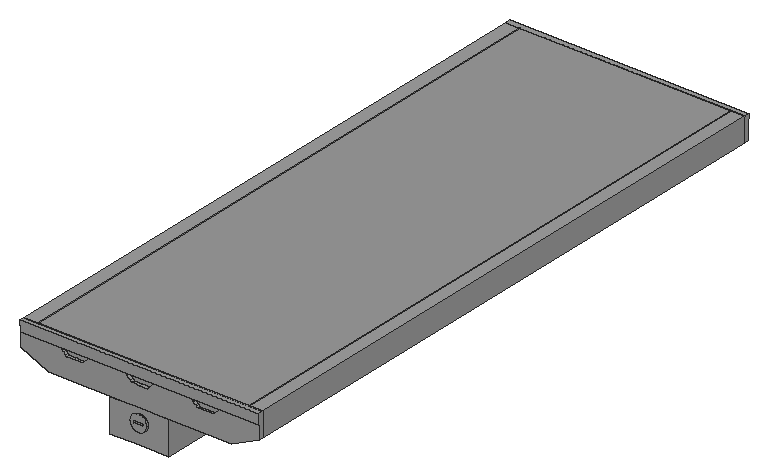
Revit family "VALORE-V2LO-HO_V4LO-HO", category Lighting Fixtures, host Face, Revit 2017
Family settings
  Host = Face
  Round Connector Dimension = Use Diameter
  Part Type = Normal
  Cut with Voids When Loaded = No
  Light Source = Yes
  Shared = No
  Room Calculation Point = No
Parameters (values of type "VALORE V4HO")
  Wattage Comments = "320W"
  Wattage = 320 W
  WIDTH = W * 2  # 1' - 5 41/128"
  W = 0' - 8 169/256"
  built-in parameter 1150110 = 1 (stored number, unit not read)
  Type Image = VALORE PICTURE.PNG
  Type Comments = "The VALORE is the ideal linear LED high bay for\r\nbudget conscious installations or replacement of fluorescent linear\r\nhigh bays in warehouses, aisle lighting for retails big box stores,\r\nlogistic centers and open ceiling environments."
  built-in parameter 1114217 = 0.9 (stored number, unit not read)
  Tilt Angle = -90.00°
  built-in parameter 1150109 = 1 (stored number, unit not read)
  built-in parameter 1150134 = 12
  built-in parameter 1150113 = 1 (stored number, unit not read)
  Photometric Web File = "Valore V4-HO TO REVIT.ies"
  Model = "VALORE"
  Manufacturer = "BEGHELLI"
  built-in parameter 1150105 = 15469 (stored number, unit not read)
  Lumens = 44160 lm
  built-in parameter 1150115 = 1 (stored number, unit not read)
  built-in parameter 1150137 = (empty or 0)
  built-in parameter 1150139 = (empty or 0)
  built-in parameter 1150112 = 1 (stored number, unit not read)
  built-in parameter 1150114 = 1 (stored number, unit not read)
  Lamp = "LED"
  LENGTH = L * 2  # 3' - 8 77/128"
  L = 1' - 10 77/256"
  built-in parameter 1150132 = (empty or 0)
  built-in parameter 1150102 = (empty or 0)
  built-in parameter 1150107 = 4000 (stored number, unit not read)
  built-in parameter 1150138 = (empty or 0)
  built-in parameter 1150106 = 154.69 (stored number, unit not read)
  Emit from Line Length = 2' - 0"
  built-in parameter 1150104 = 12.821 (stored number, unit not read)
  Dimming Lamp Color Temperature Shift = <None>
  Description = "The VALORE is DesignLights Consortium®\r\nqualified for indoor High-Bay Luminaires for\r\nCommercial and Industrial Buildings."
  Default Elevation = 4' - 0"
  Color Filter = 16777215
  built-in parameter 1114218 = 1 (stored number, unit not read)
  built-in parameter 1150133 = 10 (stored number, unit not read)
Types (5): name | Wattage Comments | Wattage | built-in parameter 1150134 | Photometric Web File | built-in parameter 1150105 | Lumens | LENGTH | L | built-in parameter 1150106 | built-in parameter 1150104
  (no name) | "320W" | 320 W | 12 | "Valore V4-HO TO REVIT.ies" | 15469 (stored number, unit not read) | 44160 lm | 3' - 8 77/128" | 1' - 10 77/256" | 154.69 (stored number, unit not read) | 12.821 (stored number, unit not read)
  VALORE V2LO | "106.43W" | 106.43 W | Valore V4-HO TO REVIT.ies | "Valore V2-LO TO REVIT.ies" | 990.92 (stored number, unit not read) | 12452.3 lm | 1' - 11 51/64" | 0' - 11 115/128" | 9.9092 (stored number, unit not read) | 10.87 (stored number, unit not read)
  VALORE V2HO | "167.9W" | 167.9 W | Valore V4-HO TO REVIT.ies | "Valore V2-HO TO REVIT.ies" | 8752.8 (stored number, unit not read) | 21827 lm | 1' - 11 51/64" | 0' - 11 115/128" | 87.528 (stored number, unit not read) | 12.077 (stored number, unit not read)
  VALORE V4LO | "227.7W" | 227.7 W | Valore V4-HO TO REVIT.ies | "Valore V4-LO TO REVIT.ies" | 12052.9 (stored number, unit not read) | 30056.4 lm | 3' - 8 77/128" | 1' - 10 77/256" | 120.53 (stored number, unit not read) | 12.263 (stored number, unit not read)
  VALORE V4HO | "320W" | 320 W | 12 | "Valore V4-HO TO REVIT.ies" | 15469 (stored number, unit not read) | 44160 lm | 3' - 8 77/128" | 1' - 10 77/256" | 154.69 (stored number, unit not read) | 12.821 (stored number, unit not read)
Reference planes (in)
  plane 1 "Center (Front/Back)": y = 0
  plane 2: z = 0
  plane 3 "Center (Left/Right)": x = 0
  plane 4: z = 5.0846
  plane 5: y = 22.30078
  plane 6: y = -22.30078
  plane 7: x = -8.66016
  plane 8: x = 8.66016
Dimensions and locks (in)
  "L": plane 5 to plane 1 "Center (Front/Back)"
  "LENGTH": plane 5 to plane 6
  locked: plane 4 to host face at 5.0846
  "W": plane 7 to plane 3 "Center (Left/Right)"
  "WIDTH": plane 7 to plane 8
  aligned and locked: plane 2 to host face
  aligned and locked: level to host face
  aligned and locked: plane 4 to imposter light
Automatic sketch dimensions
  host sketch curve to host sketch curve = 8' - 0"  (x2)
Nested families (in)
  nested 1: "VALORE HOUSING" at (0, 0, 0), type "V2LOWT35120-277V"
    with LENGHT 3' - 8 77/128", L 1' - 10 77/256"
Definition of nested family "VALORE HOUSING"
  Parameters (values of type "V2LOWT35120-277V")
    WIDTH = W * 2  # 1' - 5 41/128"
    W = 0' - 8 169/256"
    Type Image = element 9980
    Manufacturer = "BEGHELLI"
    LENS MATERIAL = none
    LENGHT = L * 2  # 1' - 11 51/64"
    L = 0' - 11 115/128"
    Keynote = "The VALORE is the ideal linear LED high bay for\r\nbudget conscious installations or replacement of fluorescent linear\r\nhigh bays in warehouses, aisle lighting for retails big box stores,\r\nlogistic centers and open ceiling environments."
    HOSING MATERIAL = none
    Description = "The VALORE is a linear LED high bay and\r\nis the ideal replacement for 4, 6 and 8 lamp\r\nluminaires."
  Reference planes (in)
    plane 1 "Center (Front/Back)": y = 0
    plane 2: z = 0
    plane 3 "Center (Left/Right)": x = 0
    plane 4: y = 11.8017
    plane 5: y = -11.8017
    plane 6: x = -8.66016
    plane 7: x = 8.66016
    plane 8: y = -11.47058
    plane 9: y = 11.47058
    plane 10: x = -7.66016
    plane 11: x = 7.66016
    plane 12: y = -11.89844
    plane 13: y = 11.89844
  Forms (in)
    Extrusion 1, solid, material <- "HOSING MATERIAL"
      sketch origin (0, 0, 5.0846) x (1, 0, 0) y (0, 0, 1)
        loop
          line (-8.66016, 0) -> (-8.66016, -1.75) -> (-6.62096, -2.70089) -> (0, -2.70089) -> (6.62096, -2.70089) -> (8.66016, -1.75) -> (8.66016, 0) -> (7.66016, 0) -> (7.66016, -0.60156) -> (8.05859, -0.60156) -> (8.05859, -1.36676) -> (6.4876, -2.09933) -> (0, -2.09933) -> (-6.4876, -2.09933) -> (-8.05859, -1.36676) -> (-8.05859, -0.60156) -> (-7.66016, -0.60156) -> (-7.66016, 0) -> (-8.66016, 0)
      from -11.47058 to 11.47058
    Extrusion 2, solid, material <- "LENS MATERIAL"
      sketch origin (0, 0, 2.38371) x (1, 0, 0) y (0, 0, 1)
        loop
          line (-7.66016, 2.70089) -> (-7.66016, 2.09933) -> (7.66016, 2.09933) -> (7.66016, 2.70089) -> (-7.66016, 2.70089)
      from -11.47058 to 11.47058
    Extrusion 3, solid, material <- "HOSING MATERIAL"
      sketch origin (0, 0, 0) x (1, 0, 0) y (0, 0, 1)
        loop
          line (-2.14389, 2.38371) -> (-2.14389, 0) -> (0, 0) -> (2.14389, 0) -> (2.14389, 2.38371) -> (0, 2.38371) -> (-2.14389, 2.38371)
      from -11.8017 to 11.8017
    Extrusion 4, solid, material <- "HOSING MATERIAL"
      sketch origin (0, 0, 0) x (1, 0, 0) y (0, 0, 1)
        loop
          circle (0, 1.45532) r 0.60534
        loop
          line (-0.35442, 1.51892) -> (-0.35442, 1.34322) -> (0, 1.34322) -> (0.35442, 1.34322) -> (0.35442, 1.51892) -> (0, 1.51892) -> (-0.35442, 1.51892)
      from -11.89844 to 11.89844
  Dimensions and locks (in)
    "WIDTH": plane 7 to plane 6
    "W": plane 7 to plane 3 "Center (Left/Right)"
    locked: plane 5 to plane 8 at 0.33112
    locked: plane 4 to plane 9 at 0.33112
    locked: plane 6 to plane 10 at 1
    locked: plane 11 to plane 7 at 1
    locked: plane 5 to plane 12 at 0.09674
    locked: plane 4 to plane 13 at 0.09674
    "L": plane 1 "Center (Front/Back)" to plane 13
    "LENGHT": plane 12 to plane 13
    aligned and locked: plane 2 to level
    aligned and locked: plane 8 to Extrusion 1
    aligned and locked: plane 9 to Extrusion 1
    aligned and locked: nested 1 to plane 8
    aligned and locked: plane 9 to nested 2
    aligned and locked: plane 8 to Extrusion 2
    aligned and locked: plane 9 to Extrusion 2
    aligned and locked: plane 4 to Extrusion 3
    aligned and locked: plane 5 to Extrusion 3
    aligned and locked: Extrusion 4 to plane 12
    aligned and locked: Extrusion 4 to plane 13
  Automatic sketch dimensions
    Extrusion 1 sketch curve to plane 6 = 0' - 0"
    Extrusion 1 sketch curve to plane 3 "Center (Left/Right)" = 0' - 0"  (x2)
    plane 7 to Extrusion 1 sketch curve = 0' - 0"
    Extrusion 1 sketch curve to plane 6 = 0' - 0 77/128"
    Extrusion 1 sketch curve to Extrusion 1 sketch curve = 0' - 0 51/128"  (x2)
    Extrusion 1 sketch curve to Extrusion 1 sketch curve = 0' - 1.43763"
    Extrusion 1 sketch curve to Extrusion 1 sketch curve = 0' - 0.13336"  (x2)
    Extrusion 1 sketch curve to plane 7 = 0' - 2.17256"
    Extrusion 1 sketch curve to plane 7 = 0' - 1"
    Extrusion 1 sketch curve to level = 0' - 5.0846"  (x2)
    Extrusion 1 sketch curve to Extrusion 1 sketch curve = 0' - 0 77/128"  (x3)
    Extrusion 1 sketch curve to Extrusion 1 sketch curve = 0' - 0.7652"  (x2)
    Extrusion 1 sketch curve to Extrusion 1 sketch curve = 0' - 0.38324"  (x2)
    Extrusion 1 sketch curve to Extrusion 1 sketch curve = 0' - 0.73257"
    plane 6 to Extrusion 2 sketch curve = 0' - 1"
    plane 7 to Extrusion 2 sketch curve = 0' - 1"
    level to Extrusion 2 sketch curve = 0' - 4.48303"
    Extrusion 2 sketch curve to Extrusion 2 sketch curve = 0' - 0 77/128"
    Extrusion 3 sketch curve to level = 0' - 0"
    Extrusion 3 sketch curve to plane 3 "Center (Left/Right)" = 0' - 0"  (x2)
    Extrusion 3 sketch curve to Extrusion 3 sketch curve = 0' - 2.14389"
    plane 3 "Center (Left/Right)" to Extrusion 3 sketch curve = 0' - 2.14389"
    Extrusion 3 sketch curve to Extrusion 3 sketch curve = 0' - 2.38371"
    Extrusion 4 sketch curve to plane 3 "Center (Left/Right)" = 0' - 0"  (x3)
    Extrusion 4 sketch curve to Extrusion 4 sketch curve = 0' - 0.35442"
    plane 3 "Center (Left/Right)" to Extrusion 4 sketch curve = 0' - 0.35442"
    level to Extrusion 4 sketch curve = 0' - 1.34322"
    Extrusion 4 sketch curve to Extrusion 4 sketch curve = 0' - 0.1121"
    Extrusion 4 sketch curve to Extrusion 4 sketch curve = 0' - 0.0636"
    radius of Extrusion 4 sketch curve = 0' - 0.60534"
  Nested families (in)
    nested 1: "VALORE HOUSING SIDE" at (0, -11.8017, 2.38371), type "VALORE HOUSING SIDE"
    nested 2: "VALORE HOUSING SIDE" at (0, 11.8017, 2.38371), type "VALORE HOUSING SIDE"
  Definition of nested family "VALORE HOUSING SIDE"
    Parameters (values of type "VALORE HOUSING SIDE")
      WIDTH = W * 2  # 1' - 5 41/128"
      W = 0' - 8 169/256"
      HOUSING MATERIAL = none
    Reference planes (in)
      plane 1 "Center (Front/Back)": y = 0
      plane 2: z = 0
      plane 3 "Center (Left/Right)": x = 0
      plane 4: x = -8.66016
      plane 5: x = 8.66016
      plane 6: y = 1
    Forms (in)
      Extrusion 1, solid, material <- "HOUSING MATERIAL"
        sketch origin (0, 0, 2.70089) x (-1, 0, 0) y (0, 0, -1)
          loop
            line (-8.66016, 0) -> (8.66016, 0) -> (8.66016, 1.75) -> (6.62096, 2.70089) -> (0, 2.70089) -> (-6.62096, 2.70089) -> (-8.66016, 1.75) -> (-8.66016, 0)
        from -0.33112 to -0.0507
      Extrusion 2, solid, material <- "HOUSING MATERIAL"
        sketch origin (0, 0, 2.70089) x (-1, 0, 0) y (0, 0, -1)
          loop
            line (8.66016, 0) -> (8.66016, 0.75) -> (-8.66016, 0.75) -> (-8.66016, 0) -> (8.66016, 0)
        from -0.29663 to 0
      Extrusion 3, void
        sketch origin (0, 0, 2.70089) x (-1, 0, 0) y (0, 0, -1)
          loop
            line (0.9375, 0.75) -> (0.9375, 0.88011) -> (0.58395, 1.23366) -> (0, 1.23366) -> (-0.58395, 1.23366) -> (-0.9375, 0.88011) -> (-0.9375, 0.75) -> (0, 0.75) -> (0.9375, 0.75)
        from -0.26354 to 0.36858
      Extrusion 4, void
        sketch origin (4.75, 0, 2.70089) x (-1, 0, 0) y (0, 0, -1)
          loop
            line (0.9375, 0.75) -> (0.9375, 0.88011) -> (0.58395, 1.23366) -> (0, 1.23366) -> (-0.58395, 1.23366) -> (-0.9375, 0.88011) -> (-0.9375, 0.75) -> (0, 0.75) -> (0.9375, 0.75)
        from -0.26354 to 0.36858
      Extrusion 5, void
        sketch origin (-4.75, 0, 2.70089) x (1, 0, 0) y (0, 0, 1)
          loop
            line (0.9375, -0.75) -> (0, -0.75) -> (-0.9375, -0.75) -> (-0.9375, -0.88011) -> (-0.58395, -1.23366) -> (0, -1.23366) -> (0.58395, -1.23366) -> (0.9375, -0.88011) -> (0.9375, -0.75)
        from -0.26354 to 0.36858
    Cuts and joins
      Extrusion 3, Extrusion 4, Extrusion 5 cuts Extrusion 1
      Extrusion 4, Extrusion 5 cuts Extrusion 2
      joined: Extrusion 1, Extrusion 2
    Dimensions and locks (in)
      "WIDTH": plane 4 to plane 5
      "W": plane 3 "Center (Left/Right)" to plane 4
      aligned and locked: plane 2 to level
    Automatic sketch dimensions
      plane 5 to Extrusion 1 sketch curve = 0' - 0"
      Extrusion 1 sketch curve to level = 0' - 0"
      Extrusion 1 sketch curve to plane 3 "Center (Left/Right)" = 0' - 0"
      Extrusion 1 sketch curve to plane 4 = 0' - 0"
      plane 5 to Extrusion 1 sketch curve = 0' - 2.03919"
      plane 4 to Extrusion 1 sketch curve = 0' - 2.03919"
      level to Extrusion 1 sketch curve = 0' - 0.95089"  (x2)
      Extrusion 1 sketch curve to Extrusion 1 sketch curve = 0' - 1 3/4"
      plane 5 to Extrusion 2 sketch curve = 0' - 0"
      Extrusion 2 sketch curve to plane 4 = 0' - 0"
      level to Extrusion 2 sketch curve = 0' - 2.70089"
      Extrusion 2 sketch curve to Extrusion 2 sketch curve = 0' - 0 3/4"
      Extrusion 3 sketch curve to plane 3 "Center (Left/Right)" = 0' - 0"  (x2)
      plane 3 "Center (Left/Right)" to Extrusion 3 sketch curve = 0' - 0.58395"
      Extrusion 3 sketch curve to Extrusion 3 sketch curve = 0' - 0.35355"  (x3)
      Extrusion 3 sketch curve to Extrusion 3 sketch curve = 0' - 0.58395"
      level to Extrusion 3 sketch curve = 0' - 1.95089"
      Extrusion 3 sketch curve to Extrusion 3 sketch curve = 0' - 0.13011"  (x2)
      plane 5 to Extrusion 4 sketch curve = 0' - 2 249/256"
      level to Extrusion 4 sketch curve = 0' - 1.46723"
      Extrusion 4 sketch curve to Extrusion 4 sketch curve = 0' - 0.35355"  (x4)
      Extrusion 4 sketch curve to Extrusion 4 sketch curve = 0' - 0.58395"  (x2)
      Extrusion 4 sketch curve to Extrusion 4 sketch curve = 0' - 0"
      Extrusion 4 sketch curve to Extrusion 4 sketch curve = 0' - 0.13011"
      Extrusion 5 sketch curve to plane 4 = 0' - 2 249/256"
      Extrusion 5 sketch curve to level = 0' - 1.46723"
      Extrusion 5 sketch curve to Extrusion 5 sketch curve = 0' - 0.35355"  (x4)
      Extrusion 5 sketch curve to Extrusion 5 sketch curve = 0' - 0.58395"  (x2)
      Extrusion 5 sketch curve to Extrusion 5 sketch curve = 0' - 0"
      Extrusion 5 sketch curve to Extrusion 5 sketch curve = 0' - 0.13011"
